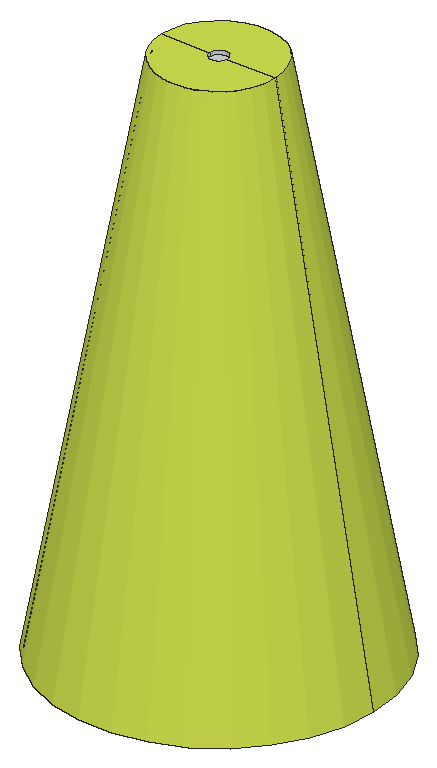
Revit family "PEA SHADE", category Lighting Fixtures, Revit 2024
Family settings
  Round Connector Dimension = Use Diameter
  Part Type = Normal
  OmniClass Number = 23.80.70.00
  OmniClass Title = Lighting
  Work Plane-Based = No
  Always vertical = Yes
  Cut with Voids When Loaded = No
  Light Source = Yes
  Maintain Annotation Orientation = No
  Shared = No
  Room Calculation Point = No
Parameters
  Wattage = 12.1178 W
  built-in parameter 1150110 = 1 (stored number, unit not read)
  built-in parameter 1114217 = 1 (stored number, unit not read)
  built-in parameter 1150109 = 1 (stored number, unit not read)
  built-in parameter 1150134 = (empty or 0)
  built-in parameter 1150113 = 1 (stored number, unit not read)
  Lumens = 1800 lm
  built-in parameter 1150115 = 1 (stored number, unit not read)
  built-in parameter 1150105 = 572.96 (stored number, unit not read)
  Light Source Symbol Size = 2' - 0"
  built-in parameter 1150137 = (empty or 0)
  built-in parameter 1150139 = (empty or 0)
  built-in parameter 1150112 = 1 (stored number, unit not read)
  built-in parameter 1150114 = 1 (stored number, unit not read)
  built-in parameter 1150132 = 2
  built-in parameter 1150102 = (empty or 0)
  built-in parameter 1150138 = (empty or 0)
  built-in parameter 1150107 = 3000 (stored number, unit not read)
  built-in parameter 1150106 = 5.7296 (stored number, unit not read)
  built-in parameter 1150104 = 13.8 (stored number, unit not read)
  Dimming Lamp Color Temperature Shift = (empty or 0)
  Default Elevation = 0' - 0"
  Color Filter = 16777215
  built-in parameter 1114218 = 1 (stored number, unit not read)
  built-in parameter 1150133 = 10 (stored number, unit not read)
Reference planes (in)
  plane 1 "Light Source Axis (F/B)": y = 0
  plane 2: z = 0
  plane 3 "Light Source Axis (L/R)": x = 0
  plane 4 "Light Source Elevation": z = 84
Forms (in)
  Revolve 1, solid
    sketch origin (0, 0, 0) x (1, 0, 0) y (0, 0, 1)
      loop
        line (-1.6, 99) -> (-4.375, 84) -> (-4.27966, 84) -> (-1.522, 98.90625) -> (-0.25, 98.90625) -> (-0.25, 99) -> (-1.6, 99)
      axis (0, 84) -> (0, 99)
    angle from 0 to 360
Dimensions and locks (in)
  aligned and locked: plane 3 "Light Source Axis (L/R)" to imposter light
  aligned and locked: plane 1 "Light Source Axis (F/B)" to imposter light
  aligned and locked: plane 4 "Light Source Elevation" to imposter light
  aligned and locked: level to plane 2
